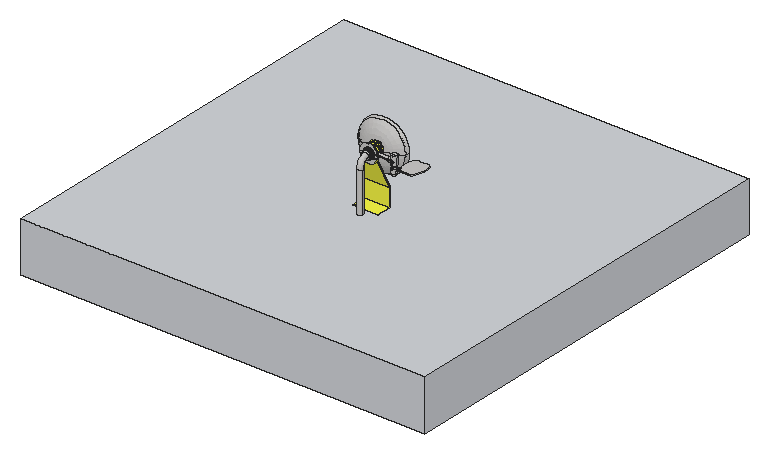
Revit family
Parameters (values of type "S0440-BF")
  Waste Connection = yes
  WFU = 0
  Voltage = 0
  Vent Connection = no
  URL = "http://www.acornsafety.com"
  Type Comments = ""
  Tempered Water Connection = no
  TMV8 - Thermostatic mixing valve is ASSE Listed per the ASSE 1071 standard. The tepid output water complies with ANSI Z358.1 standard. = no
  SV2 - Stainless steel ball valve = no
  SPV - Scald protection valve = no
  SDC - Stainless steel dust covers = no
  Revised Date = "08/08/11"
  Phone# = "626-336-4561"
  PT1 - P-trap, chrome plated brass with 1-1/4" OD waste outlet = no
  Model = "S0440-BF"
  Material = Stainless Steel
  Manufacturer = "Acorn Safety"
  MS1 - MAP (magnetically actuated proximity) switch, for one (1) actuator = no
  HWFU = 0
  HW Connection = no
  FPV - Freeze protection valve = no
  FLW2 - Flow switch, single pole = no
  Designed By = "ATS BIM Team"
  Description = "Barrier Free Wall Mounted Eye/Face Wash, Stainless Steel Bowl"
  Default Elevation = 34 3/4"
  CWFU = 0
  CW Connection = yes
  CS1 - Stainless steel "clam shell" cover = no
  Assembly Code = ""
  Amperage = 0
  "1" - Auxiliary hand-held drench hose with a self-closing valve (Use model S0441-BF) = no
Reference planes (in)
  plane 1 "Center (Front/Back)": y = 0
  plane 2: z = 0
  plane 3 "Center (Left/Right)": x = 0
  plane 4: y = -34.75
  plane 5: y = -7.125
  plane 6: z = 11.625
  plane 7: y = -7.75
  plane 8: z = 8.625
  plane 9: z = 4.40673
  plane 10: through (1.55014, -30.25033, 191.625) normal (0.9397, -0.342, 0)
  plane 11: through (-1.55014, -30.25033, 191.625) normal (0.9397, 0.342, 0)
  plane 12: z = 17.5
  plane 13: x = -5.87646
  plane 14: y = -3.74835
  plane 15: x = 5.375
Forms (in)
  Extrusion 1, solid
    sketch origin (0, 0, 0) x (1, 0, 0) y (0, 1, 0)
      loop
        line (-48, 48) -> (-48, -48) -> (48, -48) -> (48, 48) -> (-48, 48)
    from 0 to -12
  Sweep 2, solid, material "Stainless Steel" <- "Material"
    path origin (0, 0, 0) x (0, 1, 0) y (0, 0, 1)
      loop
        line (-7.125, 0) -> (-7.125, 9.625)
        arc (-7.125, 9.625) -> (-6.53921, 11.03921) -> (-5.125, 11.625) r 2
    profile origin (0, -7.125, 4.8125) x (0, -1, 0) y (1, 0, 0)
      loop
        circle (0, 0) r 0.625
  Revolve 3, solid, material "Stainless Steel" <- "Material"
    sketch origin (0, 0, 11.625) x (1, 0, 0) y (0, 1, 0)
      loop
        line (0, -2.32968) -> (-1.6311, -2.32968)
        arc (-1.6311, -2.32968) -> (-1.61035, -2.33922) -> (-1.60164, -2.36033) r 0.03125
        line (-1.60164, -2.36033) -> (-1.6006, -2.41988)
        arc (-1.6006, -2.41988) -> (-1.59223, -2.44062) -> (-1.57214, -2.45045) r 0.03125
        line (-1.57214, -2.45045) -> (-1.37075, -2.46807) -> (-1.3125, -2.49485) -> (-1.3125, -2.74535)
        arc (-1.3125, -2.74535) -> (-1.29493, -2.78778) -> (-1.2525, -2.80535) r 0.06
        line (-1.2525, -2.80535) -> (-1.06, -2.80535)
        arc (-1.06, -2.80535) -> (-1.01757, -2.82293) -> (-1, -2.86535) r 0.06
        line (-1, -2.86535) -> (-1, -4.36164)
        arc (-1, -4.36164) -> (-0.98168, -4.40581) -> (-0.9375, -4.4241) r 0.0625
        line (-0.9375, -4.4241) -> (-2.12227, -4.4241) -> (-2.12227, -4.5471) -> (-1.208, -4.5471) -> (-1.23, -4.5691) -> (-1.23, -4.6351) -> (-1.208, -4.6571) -> (-0.88864, -4.6571) -> (-0.88864, -4.84219) -> (-0.77351, -4.84379) -> (-0.8364, -4.88012) -> (-0.76442, -4.92169) -> (-0.83853, -4.96451) -> (-0.76194, -5.00875) -> (-0.8318, -5.0491) -> (-0.8725, -5.0491) -> (-0.8725, -5.1811) -> (-0.75392, -5.1811) -> (-0.84276, -5.23242) -> (-0.8875, -5.23242) -> (-0.8875, -5.41378)
        arc (-0.8875, -5.41378) -> (-0.83572, -5.49163) -> (-0.76802, -5.55611) r 0.42036
        line (-0.76802, -5.55611) -> (0, -5.55611) -> (0, -2.32968)
      axis (0, -5.55611) -> (0, -2.32968)
    angle from 0 to 360
  Revolve 4, solid, material "Stainless Steel" <- "Material"
    sketch origin (0, 0, 11.625) x (1, 0, 0) y (0, 1, 0)
      loop
        arc (-5.60187, -0.75443) -> (-3.85502, -1.86466) -> (-1.83814, -2.32968) r 6.125
        line (-1.83814, -2.32968) -> (0, -2.32968) -> (0, -2.2789) -> (-1.83669, -2.2789)
        arc (-1.83669, -2.2789) -> (-3.83029, -1.81996) -> (-5.55846, -0.72522) r 6.07422
        line (-5.55846, -0.72522) -> (-5.82242, 0) -> (-5.87646, 0) -> (-5.60187, -0.75443)
      axis (0, -2.32968) -> (0, 0)
    angle from 0 to 360
  Revolve 5, solid, material "Stainless Steel" <- "Material"
    sketch origin (0, -0.07422, 11.625) x (1, 0, 0) y (0, 1, 0)
      loop
        arc (1.05924, -4.1121) -> (1.01669, -4.12781) -> (1.00052, -4.17019) r 0.05484
        arc (1.00052, -4.17019) -> (0.91578, -3.92832) -> (0.88302, -3.67413) r 1.22956
        line (0.88302, -3.67413) -> (6.05564, -3.67413)
        arc (6.05564, -3.67413) -> (5.7098, -4.25204) -> (5.03698, -4.22226) r 0.6573
        arc (5.03698, -4.22226) -> (5.01202, -4.21128) -> (4.98485, -4.2091) r 0.0818
        line (4.98485, -4.2091) -> (4.41846, -4.2091)
        arc (4.41846, -4.2091) -> (4.34107, -4.1771) -> (4.309, -4.09973) r 0.10938
        line (4.309, -4.09973) -> (4.309, -4.0116) -> (1.125, -4.0116) -> (1.125, -4.05166)
        arc (1.125, -4.05166) -> (1.10741, -4.09405) -> (1.065, -4.1116) r 0.06
      axis (0.88302, -3.67413) -> (6.05564, -3.67413)
    angle from 0 to 360
  Revolve 6, solid, material "Stainless Steel" <- "Material"
    sketch origin (-0.024, -3.74835, 0) x (1, 0, 0) y (0, 0, 1)
      loop
        line (5.399, 12.839) -> (5.399, 8.62565) -> (5.804, 8.62565)
        arc (5.804, 8.62565) -> (5.87471, 8.65494) -> (5.904, 8.72565) r 0.1
        line (5.904, 8.72565) -> (5.904, 9.06306) -> (5.964, 9.0977) -> (5.964, 9.98206) -> (5.93836, 10.0077) -> (5.924, 10.03988)
        arc (5.924, 10.03988) -> (5.91698, 10.05916) -> (5.89921, 10.06942) r 0.03
        arc (5.89921, 10.06942) -> (5.88039, 10.07807) -> (5.86822, 10.09485) r 0.04087
        line (5.86822, 10.09485) -> (5.86822, 10.12924)
        arc (5.86822, 10.12924) -> (5.87421, 10.14786) -> (5.89067, 10.15845) r 0.0289
        arc (5.89067, 10.15845) -> (5.90742, 10.16895) -> (5.914, 10.1876) r 0.03
        line (5.914, 10.1876) -> (5.914, 10.59534)
        arc (5.914, 10.59534) -> (5.89564, 10.63944) -> (5.8515, 10.6577) r 0.0625
        line (5.8515, 10.6577) -> (5.819, 10.6577) -> (5.819, 10.749) -> (5.86775, 10.749) -> (6.05525, 10.9365) -> (6.05498, 12.839) -> (5.399, 12.839)
      axis (5.399, 12.839) -> (5.399, 8.62565)
    angle from 0 to 360
  Extrusion 7, solid, material "Stainless Steel" <- "Material"
    sketch origin (0, -0.07422, 0) x (1, 0, 0) y (0, 1, 0)
      loop
        line (6.2846, -0.66921) -> (6.2846, -4.1741) -> (6.488, -4.1741) -> (9.57746, -4.1741)
        arc (9.57746, -4.1741) -> (9.80604, -4.09647) -> (9.93994, -3.89561) r 0.375
        line (9.93994, -3.89561) -> (10.62602, -1.30609)
        arc (10.62602, -1.30609) -> (10.65111, -1.17911) -> (10.6596, -1.04996) r 1
        line (10.6596, -1.04996) -> (10.6596, -0.30006)
        arc (10.6596, -0.30006) -> (10.29382, 0.58444) -> (9.4096, 0.9509) r 1.25
        line (9.4096, 0.9509) -> (7.738, 0.9509)
        arc (7.738, 0.9509) -> (6.85412, 0.58478) -> (6.488, -0.2991) r 1.25
        arc (6.488, -0.2991) -> (6.47803, -0.37484) -> (6.4488, -0.44541) r 0.29261
        line (6.4488, -0.44541) -> (6.31111, -0.61234)
        arc (6.31111, -0.61234) -> (6.29155, -0.63784) -> (6.2846, -0.66921) r 0.07423
    from 10.1183 to 10.2277
  Revolve 8, solid, material "Stainless Steel" <- "Material"
    sketch origin (0, -3.74837, 0) x (1, 0, 0) y (0, 0, 1)
      loop
        line (6.13144, 10.1733) -> (6.09114, 10.1733) -> (6.09114, 9.19049) -> (6.209, 9.19049) -> (6.224, 9.22124) -> (6.224, 9.9927) -> (6.19418, 10.00789) -> (6.1615, 10.02756) -> (6.1615, 10.14337)
        arc (6.1615, 10.14337) -> (6.15267, 10.16456) -> (6.13144, 10.1733) r 0.03
      axis (6.09114, 9.19049) -> (6.09114, 10.1733)
    angle from 0 to 360
  Sweep 9, solid, material "Stainless Steel" <- "Material"
    path origin (0, 0, 0) x (0, 1, 0) y (0, 0, 1)
      loop
        line (-5.53103, 0) -> (-2.03103, 0) -> (-2.03103, 4.40673)
    profile origin (0, -3.78103, 0) x (0, 0, 1) y (1, 0, 0)
      loop
        line (0, -3) -> (0.125, -3) -> (0.125, 3) -> (0, 3) -> (0, -3)
  Extrusion 10, solid, material "Stainless Steel" <- "Material"
    sketch origin (0, 9.01984, 3.73937) x (1, 0, 0) y (0, -0.34202, 0.939693)
      loop
        line (1.85674, 11.625) -> (-1.85674, 11.625) -> (-3, 4.40673) -> (3, 4.40673) -> (1.85674, 11.625)
    from 10.15617 to 10.28117
  Extrusion 11, void
    sketch origin (0, 0, 0) x (0, -1, 0) y (0, 0, 1)
      loop
        line (4.5471, 11.17247) -> (4.5471, 10.95412) -> (4.61728, 11.14693) -> (4.5471, 11.17247)
    from -2.11443 to 2.14104
  Sweep 12, solid, material "Stainless Steel" <- "Material"
    path origin (-60, -6.22534, 11.64981) x (1, 0, 0) y (0, 1, 0)
      loop
        line (57.00731, 5.63196) -> (63.00731, 5.63196)
    profile origin (0.00731, -0.59338, 11.64981) x (0, 1, 0) y (0, 0, 1)
      loop
        circle (0, 0) r 0.1875
  Revolve 13, solid, material "Stainless Steel" <- "Material"
    sketch origin (-60, -7.06909, 11.64981) x (1, 0, 0) y (0, 1, 0)
      loop
        arc (60, 7.03276) -> (59.73106, 6.9776) -> (59.51646, 6.80639) r 0.58813
        arc (59.51646, 6.80639) -> (59.48221, 6.74315) -> (59.47037, 6.67222) r 0.21833
        line (59.47037, 6.67222) -> (59.47037, 6.25676) -> (60, 6.25676) -> (60, 7.03276)
      axis (60, 6.25676) -> (60, 7.03276)
    angle from 0 to 360
  Extrusion 14, solid, material "Stainless Steel" <- "Material"
    sketch origin (0, -7.06909, 11.64981) x (0, 0, 1) y (1, 0, 0)
      loop
        circle (0, 0) r 0.53405
    from 4.90676 to 6.25676
  Revolve 15, solid, material "Stainless Steel" <- "Material"
    sketch origin (-45.12791, -44.7133, 11.625) x (-0.939693, 0.34202, 0) y (-0.34202, -0.939693, 0)
      loop
        line (-24.4214, -56.33842) -> (-24.8189, -56.33842) -> (-24.8189, -56.45978) -> (-25.1814, -56.82228) -> (-25.1814, -56.97228) -> (-24.4214, -56.97228) -> (-24.4214, -56.33842)
      axis (-24.4214, -56.33842) -> (-24.4214, -56.97228)
    angle from 0 to 360
  Revolve 16, solid, material "Stainless Steel" <- "Material"
    sketch origin (0, -39.54778, 11.625) x (1, 0, 0) y (0, 1, 0)
      loop
        line (-1.42667, 37.37892) -> (-1.42667, 37.09732) -> (0, 37.09732) -> (0, 37.61872) -> (-1.18688, 37.61872)
        arc (-1.18688, 37.61872) -> (-1.35644, 37.54848) -> (-1.42667, 37.37892) r 0.23979
      axis (0, 37.09732) -> (0, 37.61872)
    angle from 0 to 360
  Revolve 17, solid, material "Stainless Steel" <- "Material"
    sketch origin (0, -0.24315, 11.625) x (1, 0, 0) y (0, 1, 0)
      loop
        line (-2.91043, 0.11803) -> (-3.16695, -0.58674) -> (-2.93202, -0.67224) -> (-2.67551, 0.03253) -> (-2.91043, 0.11803)
      axis (-3.16695, -0.58674) -> (-2.91043, 0.11803)
    angle from 0 to 360
  Revolve 18, solid, material "Stainless Steel" <- "Material"
    sketch origin (0, -0.24315, 11.625) x (-1, 0, 0) y (0, -1, 0)
      loop
        line (-2.91043, -0.11803) -> (-2.67551, -0.03253) -> (-2.93202, 0.67224) -> (-3.16695, 0.58674) -> (-2.91043, -0.11803)
      axis (-3.16695, 0.58674) -> (-2.91043, -0.11803)
    angle from 0 to 360
  Revolve 19, solid, material "Stainless Steel" <- "Material"
    sketch origin (45.12791, -44.7133, 11.625) x (0.939693, 0.34202, 0) y (-0.34202, 0.939693, 0)
      loop
        line (-24.4214, 56.33842) -> (-24.4214, 56.97228) -> (-25.1814, 56.97228) -> (-25.1814, 56.82228) -> (-24.8189, 56.45978) -> (-24.8189, 56.33842) -> (-24.4214, 56.33842)
      axis (-24.4214, 56.33842) -> (-24.4214, 56.97228)
    angle from 0 to 360
  Extrusion 20, solid, material "Stainless Steel" <- "Material"
    sketch origin (-0.024, -0.07422, 5.57097) x (1, 0, 0) y (0, 1, 0)
      loop
        circle (5.399, -3.67413) r 0.25
    from 3.08593 to 3.05468
  Extrusion 21, solid, material "Stainless Steel" <- "Material"
    sketch origin (0, -0.07422, 0) x (1, 0, 0) y (0, 0, 1)
      loop
        arc (6.22222, 9.1745) -> (6.277, 9.1835) -> (6.32605, 9.20949) r 0.1719
        arc (6.32605, 9.20949) -> (6.37608, 9.26998) -> (6.394, 9.3464) r 0.1719
        line (6.394, 9.3464) -> (6.41663, 9.36903) -> (6.611, 9.36903) -> (6.611, 9.94638) -> (6.394, 9.94638) -> (6.394, 10.0243)
        arc (6.394, 10.0243) -> (6.42153, 10.09077) -> (6.488, 10.1183) r 0.094
        line (6.488, 10.1183) -> (6.488, 10.2277)
        arc (6.488, 10.2277) -> (6.34417, 10.16813) -> (6.2846, 10.0243) r 0.2034
        line (6.2846, 10.0243) -> (6.2846, 9.7667) -> (6.224, 9.7667) -> (6.224, 9.5487) -> (6.2846, 9.5487) -> (6.2846, 9.34649)
        arc (6.2846, 9.34649) -> (6.26699, 9.30292) -> (6.224, 9.28393) r 0.0625
        line (6.224, 9.28393) -> (6.02308, 9.28393) -> (6.02308, 9.1745) -> (6.22222, 9.1745)
    from 4.1741 to 3.10815
Cuts and joins
  joined: Extrusion 7, Revolve 8
  Extrusion 11 cuts Sweep 2
  Extrusion 11 cuts Revolve 4
  Extrusion 11 cuts Extrusion 10
  joined: Sweep 2, Revolve 4, Extrusion 10, Extrusion 14, Revolve 16
  joined: Sweep 12, Revolve 13, Revolve 15, Revolve 17, Revolve 18, Revolve 19
Dimensions and locks (in)
  plane 4 to plane 1 "Center (Front/Back)" = 34 3/4"
  plane 5 to plane 4 = 27 5/8"
  plane 7 to plane 4 = 27"
  plane 6 to Extrusion 1 = 11 5/8"
  plane 8 to Extrusion 1 = 8 5/8"
  plane 14 to plane 4 = 31.00165"
  plane 3 "Center (Left/Right)" to plane 15 = 5 3/8"
  aligned and locked: plane 2 to Extrusion 1
  aligned and locked: level to Extrusion 1
Connectors (in)
  piping at (0, -7.125, 0)
    settings: on cut or joined group of Sweep 2, Revolve 4, Extrusion 10, Extrusion 11, Extrusion 14, Revolve 16, index 1
  piping at (5.375, -3.74835, 8.62565)
    settings: on Extrusion 20, index 2
